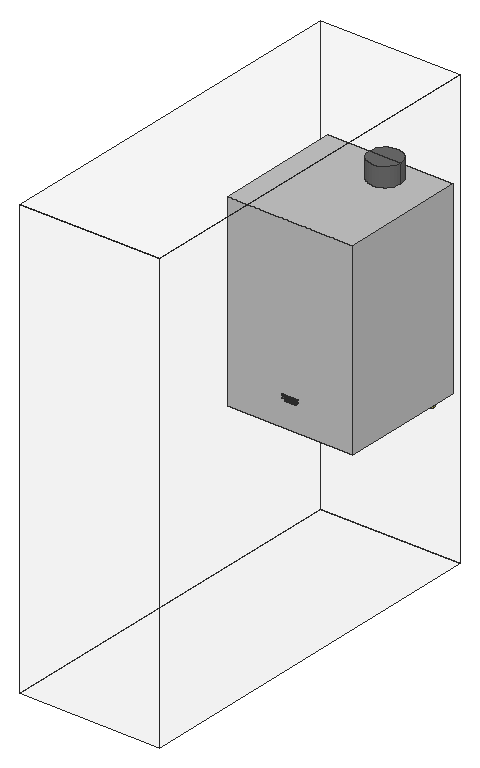
Revit family "Remeha_QuintaAce45_LOD3", category Mechanical Equipment, Revit 2016
Family settings
  Part Type = Normal
  Round Connector Dimension = Use Diameter
  OmniClass Number = 23.75.10.11.14
  OmniClass Title = Hot Water Heat Generators
  Work Plane-Based = No
  Always vertical = Yes
  Cut with Voids When Loaded = Yes
  Shared = No
  Room Calculation Point = No
Parameters (values of type "80/125 Conventional Flue Connection - 80 Connector")
  Weekly = ""
  Water Treatment Required = yes
  Water Content = 4.3 L
  Warranty ID = ""
  Voltage = 230 V
  URL = ""
  Type = "Space heating"
  Turndown Ratio = "5.02:1"
  Text Material = Paint - Black
  Supply Phase = 1
  Starting Current = 0 A
  Sound Pressure Level = "45.1"
  Shipping Weight = 61.00 kg
  Shape = "Rectangular (Vertical)"
  Safety Valve Connection Type = "Unset"
  Safety Valve Connection Size = 0.00 mm
  Responsible Sourcing of Materials = ""
  Responsible Extraction of Materials = ""
  Reference Standard = "GAR 2016/426, BED 92/42/EEC, ErP 2009/123/EC"
  Rated Output = 40800 W
  Rated Criteria = "80/60"
  Quarterly = ""
  Product Range = "Quinta Ace 45"
  Product Model Number = ""
  Product Literature = "https://www.remeha.co.uk/products/wall-hung-range/quinta-ace-30-115"
  Primary Fuel = "Gas - NG"
  Overall Width = 500.00 mm
  Overall Length = 500.00 mm
  Overall Height = 750.00 mm
  Optional Fuel = "LPG"
  Operation and Maintenance Manual = "https://www.remeha.co.uk/products/wall-hung-range/quinta-ace-30-115"
  Oil Consumption rate = 0
  Nominal Oil Inlet Pressure = 0.00000 bar
  Nominal Gas Inlet Pressure = 0.02000 bar
  NOx Emissions = "33"
  Mounting = "Wall Mounted"
  Monthly = ""
  Model = ""
  Minimum Power Consumption = 20 W
  Minimum Operating Pressure = 0.80000 bar
  Minimum Oil Inlet Pressure = 0.00000 bar
  Minimum Gas Inlet Pressure = 0.01700 bar
  Minimum Flow Rate at 20C temperature differential = 0.49 L/s
  Minimum Flow Rate at 11C temperature differential = 0.89 L/s
  Maximum Power Consumption = 75 W
  Maximum Operating Pressure = 4.00000 bar
  Maximum Oil Inlet Pressure = 0.00000 bar
  Maximum Gas Inlet Pressure = 0.02500 bar
  Material Ingredient Reporting = ""
  Manufacturer Website = "www.remeha.co.uk"
  Manufacturer = "Remeha Commercial"
  Maintenance Required 8001 to 12000hrs = ""
  Maintenance Required 601 to 1000hrs = ""
  Maintenance Required 4001 to 8000hrs = ""
  Maintenance Required 301 to 600hrs = ""
  Maintenance Required 2001 to 4000hrs = ""
  Maintenance Required 1001 to 2000hrs = ""
  Maintenance Required 0 to 300hrs = ""
  Location of Manufacturer = ""
  Load Classification = none
  Life Cycle Analysis = ""
  Interlocks = yes
  IfcExportType = "NOTDEFINED"  # constant formula
  IfcExportAs = "IfcBoilerType"  # constant formula
  IP Rating = "X4D"
  IK Rating = "Not Required"
  Hydraulic Resistance at 20C temperature differential = 0.11400 bar
  Hydraulic Resistance at 11C temperature differential = 0.37600 bar
  Heater Operation = "Condensing"
  Heat Exchanger Material = "Aluminium"
  Gross Weight = 54.30 kg
  Green Guide for Specification = ""
  Gas Consumption rate = "4.4"
  Fuse Rating = 2.5 A
  Full Load Current = 0 A
  Fuel Connection Type = "Threaded"
  Fuel Connection Size = 20.00 mm
  Frequency = 50 Hz
  Flue or Air Intake Classification = "B23p,B33,C13, C33, C53, C63, C93"
  Flue Radius = Air Inlet Connection Size / 2  # 62.50 mm
  Flue Connector Size = 80 mm
  Flue Connection size = 80.00 mm
  Flow and Return Connection Type = "Threaded"
  Flow and Return Connection Size = 32.00 mm
  Finish = "High Polish Gardner 60 GRAD 91EH"
  Features = "Remeha's Quinta Pro range are compact high efficiency wall hung condensing boilers. Lighter and more efficienct, their small size make them ideally suited to modular arrangments"
  External Material = "Steel"
  Expected Life = "15"
  ErP Seasonal Efficiency = "94"
  ErP Rated Efficiency at Part Load = "0"
  ErP Rated Efficiency at Full Load = "0"
  ErP Energy Label = "A"
  Environmental Product Declaration = ""
  Energy Technology List = "0"
  Embodied Carbon = ""
  Drain Connection Type = "Unset"
  Drain Connection Size = 25.00 mm
  Description = ""
  Daily = ""
  Control Type = "'0 - 10V, Open Therm, Volt free enable, Direct boiler weather compensating control systems available from Remeha as optional extra's."
  Configuration = "Single boiler"
  Condensate Drain Type = "Plain"
  Condensate Drain Size = 32.00 mm
  Colour = "RAL 9016"
  Clearance Box Visibility [instance] = yes
  Classification.Uniclass.Pr.Number [instance] = "Pr_60_60_08_34"
  Classification.Uniclass.Pr.Description [instance] = "Gas fired Condensing Boilers"
  CE Mark = "0063CS3928"
  Burner Control Type = "Modulating"
  Building Regulations Seasonal Efficiency = "97.64"
  Bespoke Timeframe = ""
  BMS Links = yes
  Annually = "As Per Attached URL O&M Manual"
  Air Inlet Connection Size = 125.00 mm
  Additional Technical Details = "https://www.remeha.co.uk/products/wall-hung-range/quinta-ace-30-115"
  Access Clearance Top = 400.00 mm
  Access Clearance Right = 30.00 mm
  Access Clearance Rear = 0.00 mm
  Access Clearance Left = 30.00 mm
  Access Clearance Front = 1000.00 mm
  Access Clearance Bottom = 600.00 mm
  6 Monthly = ""
Types (2, lengths in mm): name | Flue Connector Size
  80/125 Conventional Flue Connection - 80 Connector | 80
  80/125 Concentric Flue Connection - 125 Connector | 125
Reference planes
  plane 1 "Center (Front/Back)": y = 0
  plane 2: z = 0
  plane 3 "Center (Left/Right)": x = 0
  plane 4: y = -50
  plane 5: y = -75
  plane 6: x = -115
  plane 7: x = 59
  plane 8: x = 119.4
  plane 9: x = 200
  plane 10: x = 250
  plane 11: y = -101
  plane 12: x = -250
  plane 13: y = -500
  plane 14: x = -280
  plane 15: x = 280
  plane 16: y = -1500
  plane 17: y = 0
  plane 18: z = 750
  plane 19: z = 1150
  plane 20: z = -600
  plane 21: z = 824.467
Forms (mm)
  Sweep 1, solid, material "101_240_115"
    path origin (453.507, -50, 3000) x (1, 0, 0) y (0, 0, 1)
      loop
        line (-568.507, -3039.462) -> (-568.507, -3000)
    profile origin (-115, -50, -19.731) x (-1, 0, 0) y (0, -1, 0)
      loop
        circle (0, 0) r 21.2
  Sweep 2, solid
    path origin (453.507, -75, 3000) x (1, 0, 0) y (0, 0, 1)
      loop
        line (-394.507, -3012.462) -> (-394.507, -3000)
    profile origin (59, -75, -6.231) x (-1, 0, 0) y (0, -1, 0)
      loop
        circle (0, 0) r 16.25
  Sweep 3, solid, material "229_0_0"
    path origin (687.907, -50, 3000) x (1, 0, 0) y (0, 0, 1)
      loop
        line (-568.507, -3039.662) -> (-568.507, -3000)
    profile origin (119.4, -50, -19.831) x (-1, 0, 0) y (0, -1, 0)
      loop
        circle (0, 0) r 21.2
  Sweep 4, solid, material "229_229_0"
    path origin (768.507, -50, 3000) x (1, 0, 0) y (0, 0, 1)
      loop
        line (-568.507, -3040) -> (-568.507, -3000)
    profile origin (200, -50, -20) x (-1, 0, 0) y (0, -1, 0)
      loop
        circle (0, 0) r 13.5
  Revolve 5, solid, material "51_51_51"
    sketch origin (453.507, -101, 2990) x (1, 0, 0) y (0, 0, 1)
      loop
        line (-394.507, -2240) -> (-332.007, -2240) -> (-332.007, -2165.533) -> (-394.507, -2165.533) -> (-394.507, -2240)
      axis (-394.507, -2165.533) -> (-394.507, -2240)
    angle from 0 to 360
  Extrusion 6, solid, material "192_192_192"
    sketch origin (0, 5.687, 0) x (1, 0, 0) y (0, 1, 0)
      loop
        line (-250, -5.687) -> (-250, -505.688) -> (250, -505.688) -> (250, -5.687) -> (-250, -5.687)
    from 0 to 750
  Extrusion 7, solid, material "Clearance", visible <- "Clearance Box Visibility"
    sketch origin (0, 0, 0) x (1, 0, 0) y (0, 1, 0)
      loop
        line (-280, 0) -> (-280, -1500) -> (280, -1500) -> (280, 0) -> (-280, 0)
    from -600 to 1150
  Extrusion 8, solid, material "Paint - Black" <- "Text Material"
    sketch origin (0, 0, 0) x (1, 0, 0) y (0, 0, 1)
      loop
        line (-30.625, 120.395) -> (-30.625, 118.213) -> (30.625, 118.213) -> (30.625, 120.395) -> (-30.625, 120.395)
      loop
        line (-30.625, 106.032) -> (30.625, 106.032) -> (30.625, 108.213) -> (-30.625, 108.213) -> (-30.625, 106.032)
      loop
        line (-28.307, 116.676) -> (-28.307, 109.282) -> (-20.805, 109.282) -> (-20.805, 112.183) -> (-19.053, 112.183)
        arc (-19.053, 112.183) -> (-18.314, 111.847) -> (-18.083, 111.068) r 0.979
        arc (-18.083, 111.068) -> (-18.083, 110.157) -> (-17.832, 109.282) r 3.272
        line (-17.832, 109.282) -> (-16.376, 109.282)
        arc (-16.376, 109.282) -> (-16.561, 110.336) -> (-16.618, 111.404) r 8.915
        arc (-16.618, 111.404) -> (-16.885, 112.268) -> (-17.601, 112.822) r 1.5
        arc (-17.601, 112.822) -> (-16.323, 115.034) -> (-18.28, 116.676) r 1.987
        line (-18.28, 116.676) -> (-20.805, 116.676) -> (-28.307, 116.676)
      loop
        line (-20.805, 115.402) -> (-20.805, 113.382) -> (-18.787, 113.382)
        arc (-18.787, 113.382) -> (-18.37, 113.534) -> (-18.148, 113.918) r 0.649
        arc (-18.148, 113.918) -> (-18.033, 114.426) -> (-18.159, 114.93) r 1.124
        arc (-18.159, 114.93) -> (-18.505, 115.276) -> (-18.976, 115.402) r 0.944
        line (-18.976, 115.402) -> (-20.805, 115.402)
      loop
        line (-26.948, 115.402) -> (-26.948, 110.655) -> (-22.202, 110.655) -> (-22.202, 115.402) -> (-26.948, 115.402)
      loop
        line (-9.068, 114.754) -> (-10.47, 114.754) -> (-10.47, 109.282) -> (-8.958, 109.282) -> (-8.958, 112.222)
        arc (-8.958, 112.222) -> (-8.681, 113.022) -> (-7.968, 113.478) r 1.291
        arc (-7.968, 113.478) -> (-7.458, 113.497) -> (-6.98, 113.316) r 1.291
        line (-6.98, 113.316) -> (-6.98, 114.889)
        arc (-6.98, 114.889) -> (-8.226, 114.723) -> (-9.068, 113.79) r 1.823
        line (-9.068, 113.79) -> (-9.068, 114.754)
      loop
        line (-5.139, 111.705) -> (-1.277, 111.705)
        arc (-1.277, 111.705) -> (-3.967, 114.88) -> (-6.562, 111.627) r 2.694
        arc (-6.562, 111.627) -> (-4.23, 109.192) -> (-1.394, 111.016) r 2.651
        line (-1.394, 111.016) -> (-2.704, 111.016)
        arc (-2.704, 111.016) -> (-4.224, 110.293) -> (-5.139, 111.705) r 1.276
      loop
        line (-5.147, 112.62) -> (-2.707, 112.62)
        arc (-2.707, 112.62) -> (-3.927, 113.841) -> (-5.147, 112.62) r 1.22
      loop
        line (1.337, 113.988) -> (1.337, 114.776) -> (-0.066, 114.776) -> (-0.066, 109.389) -> (1.396, 109.389) -> (1.396, 112.819)
        arc (1.396, 112.819) -> (2.357, 113.78) -> (3.318, 112.819) r 0.961
        line (3.318, 112.819) -> (3.318, 109.389) -> (4.781, 109.389) -> (4.781, 112.819)
        arc (4.781, 112.819) -> (5.723, 113.761) -> (6.665, 112.819) r 0.942
        line (6.665, 112.819) -> (6.665, 109.389) -> (8.107, 109.389) -> (8.107, 112.925)
        arc (8.107, 112.925) -> (8.131, 113.503) -> (7.91, 114.038) r 1.349
        arc (7.91, 114.038) -> (6.224, 114.92) -> (4.538, 114.038) r 2.053
        arc (4.538, 114.038) -> (2.923, 114.936) -> (1.337, 113.988) r 1.848
      loop
        line (10.835, 111.705) -> (14.697, 111.705)
        arc (14.697, 111.705) -> (12.007, 114.88) -> (9.413, 111.627) r 2.694
        arc (9.413, 111.627) -> (11.745, 109.192) -> (14.58, 111.016) r 2.651
        line (14.58, 111.016) -> (13.271, 111.016)
        arc (13.271, 111.016) -> (11.751, 110.293) -> (10.835, 111.705) r 1.276
      loop
        line (10.827, 112.62) -> (13.268, 112.62)
        arc (13.268, 112.62) -> (12.048, 113.841) -> (10.827, 112.62) r 1.22
      loop
        line (17.364, 116.805) -> (15.821, 116.805) -> (15.821, 109.416) -> (17.364, 109.416) -> (17.364, 112.62)
        arc (17.364, 112.62) -> (18.386, 113.878) -> (19.408, 112.62) r 1.044
        line (19.408, 112.62) -> (19.408, 109.416) -> (20.934, 109.416) -> (20.934, 113.081)
        arc (20.934, 113.081) -> (19.516, 114.929) -> (17.364, 114.038) r 1.913
        line (17.364, 114.038) -> (17.364, 116.805)
      loop
        line (22.242, 113.094) -> (23.722, 113.094)
        arc (23.722, 113.094) -> (23.883, 113.574) -> (24.311, 113.847) r 0.76
        arc (24.311, 113.847) -> (24.781, 113.923) -> (25.255, 113.868) r 1.739
        arc (25.255, 113.868) -> (25.672, 113.375) -> (25.347, 112.817) r 0.559
        arc (25.347, 112.817) -> (24.586, 112.573) -> (23.79, 112.514) r 3.395
        arc (23.79, 112.514) -> (23.01, 112.359) -> (22.39, 111.862) r 1.672
        arc (22.39, 111.862) -> (22.047, 110.754) -> (22.507, 109.69) r 1.672
        arc (22.507, 109.69) -> (23.456, 109.312) -> (24.477, 109.296) r 2.817
        arc (24.477, 109.296) -> (25.226, 109.546) -> (25.673, 110.197) r 1.24
        arc (25.673, 110.197) -> (25.722, 109.795) -> (25.841, 109.407) r 2.328
        line (25.841, 109.407) -> (27.312, 109.407)
        arc (27.312, 109.407) -> (27.148, 109.949) -> (27.093, 110.512) r 2.901
        line (27.093, 110.512) -> (27.093, 113.568)
        arc (27.093, 113.568) -> (26.736, 114.43) -> (25.874, 114.787) r 1.219
        arc (25.874, 114.787) -> (24.773, 114.91) -> (23.672, 114.787) r 4.994
        arc (23.672, 114.787) -> (22.673, 114.18) -> (22.242, 113.094) r 1.837
      loop
        arc (23.575, 111.229) -> (23.583, 110.746) -> (23.888, 110.371) r 0.737
        arc (23.888, 110.371) -> (24.388, 110.254) -> (24.895, 110.337) r 1.324
        arc (24.895, 110.337) -> (25.433, 110.755) -> (25.637, 111.405) r 1.14
        line (25.637, 111.405) -> (25.637, 112.191)
        arc (25.637, 112.191) -> (25.209, 111.86) -> (24.672, 111.801) r 0.999
        arc (24.672, 111.801) -> (24.028, 111.698) -> (23.575, 111.229) r 1.029
      loop
        line (-14.73, 105.293) -> (-14.73, 102.893)
        arc (-14.73, 102.893) -> (-14.262, 101.761) -> (-13.13, 101.293) r 1.6
        line (-13.13, 101.293) -> (-11.33, 101.293)
        arc (-11.33, 101.293) -> (-10.199, 101.761) -> (-9.73, 102.893) r 1.6
        line (-9.73, 102.893) -> (-9.73, 105.293) -> (-10.73, 105.293) -> (-10.73, 102.893)
        arc (-10.73, 102.893) -> (-10.965, 102.327) -> (-11.53, 102.093) r 0.8
        line (-11.53, 102.093) -> (-12.93, 102.093)
        arc (-12.93, 102.093) -> (-13.496, 102.327) -> (-13.73, 102.893) r 0.8
        line (-13.73, 102.893) -> (-13.73, 105.293) -> (-14.73, 105.293)
      loop
        line (23.957, 105.293) -> (19.757, 105.293) -> (19.757, 101.293) -> (23.957, 101.293) -> (23.957, 102.093) -> (20.757, 102.093) -> (20.757, 102.893) -> (23.957, 102.893) -> (23.957, 103.693) -> (20.757, 103.693) -> (20.757, 104.493) -> (23.957, 104.493) -> (23.957, 105.293)
      loop
        line (14.257, 103.693) -> (14.257, 102.893)
        arc (14.257, 102.893) -> (14.726, 101.761) -> (15.857, 101.293) r 1.6
        line (15.857, 101.293) -> (17.657, 101.293)
        arc (17.657, 101.293) -> (18.789, 101.761) -> (19.257, 102.893) r 1.6
        line (19.257, 102.893) -> (18.257, 102.893)
        arc (18.257, 102.893) -> (18.023, 102.327) -> (17.457, 102.093) r 0.8
        line (17.457, 102.093) -> (16.057, 102.093)
        arc (16.057, 102.093) -> (15.492, 102.327) -> (15.257, 102.893) r 0.8
        line (15.257, 102.893) -> (15.257, 103.693)
        arc (15.257, 103.693) -> (15.492, 104.259) -> (16.057, 104.493) r 0.8
        line (16.057, 104.493) -> (17.457, 104.493)
        arc (17.457, 104.493) -> (18.023, 104.259) -> (18.257, 103.693) r 0.8
        line (18.257, 103.693) -> (19.257, 103.693)
        arc (19.257, 103.693) -> (18.789, 104.824) -> (17.657, 105.293) r 1.6
        line (17.657, 105.293) -> (15.857, 105.293)
        arc (15.857, 105.293) -> (14.726, 104.824) -> (14.257, 103.693) r 1.6
      loop
        line (10.851, 105.293) -> (9.07, 101.293) -> (10.164, 101.293) -> (10.521, 102.093) -> (12.619, 102.093) -> (12.975, 101.293) -> (14.07, 101.293) -> (12.289, 105.293) -> (10.851, 105.293)
      loop
        line (10.877, 102.893) -> (12.263, 102.893) -> (11.57, 104.449) -> (10.877, 102.893)
      loop
        line (-20.23, 103.693) -> (-20.23, 102.893)
        arc (-20.23, 102.893) -> (-19.762, 101.761) -> (-18.63, 101.293) r 1.6
        line (-18.63, 101.293) -> (-16.83, 101.293)
        arc (-16.83, 101.293) -> (-16.428, 101.344) -> (-16.052, 101.495) r 1.6
        line (-16.052, 101.495) -> (-15.593, 100.84) -> (-14.937, 101.299) -> (-15.467, 102.055)
        arc (-15.467, 102.055) -> (-15.291, 102.458) -> (-15.23, 102.893) r 1.6
        line (-15.23, 102.893) -> (-15.23, 103.693)
        arc (-15.23, 103.693) -> (-15.699, 104.824) -> (-16.83, 105.293) r 1.6
        line (-16.83, 105.293) -> (-18.63, 105.293)
        arc (-18.63, 105.293) -> (-19.762, 104.824) -> (-20.23, 103.693) r 1.6
      loop
        line (-19.23, 103.693) -> (-19.23, 102.893)
        arc (-19.23, 102.893) -> (-18.996, 102.327) -> (-18.43, 102.093) r 0.8
        line (-18.43, 102.093) -> (-17.03, 102.093)
        arc (-17.03, 102.093) -> (-16.465, 102.327) -> (-16.23, 102.893) r 0.8
        line (-16.23, 102.893) -> (-16.23, 103.693)
        arc (-16.23, 103.693) -> (-16.465, 104.259) -> (-17.03, 104.493) r 0.8
        line (-17.03, 104.493) -> (-18.43, 104.493)
        arc (-18.43, 104.493) -> (-18.996, 104.259) -> (-19.23, 103.693) r 0.8
      loop
        line (-9.23, 105.293) -> (-9.23, 101.293) -> (-8.23, 101.293) -> (-8.23, 105.293) -> (-9.23, 105.293)
      loop
        line (-7.73, 105.293) -> (-7.73, 101.293) -> (-6.73, 101.293) -> (-6.73, 104.493) -> (-4.405, 101.293) -> (-2.73, 101.293) -> (-2.73, 105.293) -> (-3.73, 105.293) -> (-3.73, 102.093) -> (-6.055, 105.293) -> (-7.73, 105.293)
      loop
        line (-2.23, 105.293) -> (-2.23, 104.493) -> (-0.23, 104.493) -> (-0.23, 101.293) -> (0.77, 101.293) -> (0.77, 104.493) -> (2.77, 104.493) -> (2.77, 105.293) -> (-2.23, 105.293)
      loop
        line (3.851, 105.293) -> (2.07, 101.293) -> (3.164, 101.293) -> (3.521, 102.093) -> (5.619, 102.093) -> (5.975, 101.293) -> (7.07, 101.293) -> (5.289, 105.293) -> (3.851, 105.293)
      loop
        line (3.877, 102.893) -> (5.263, 102.893) -> (4.57, 104.449) -> (3.877, 102.893)
    from 500 to 502
Dimensions and locks
  locked: plane 4 to plane 1 "Center (Front/Back)" at 50
  locked: plane 5 to plane 1 "Center (Front/Back)" at 75
  locked: plane 9 to plane 10 at 50
  locked: plane 8 to plane 10 at 130.6
  locked: plane 7 to plane 10 at 191
  locked: plane 6 to plane 10 at 365
  locked: plane 11 to plane 1 "Center (Front/Back)" at 101
  "Flue Radius": Revolve 5 sketch curve to plane 7
  equal spacing: plane 12, plane 3 "Center (Left/Right)", plane 10
  locked: plane 13 to plane 1 "Center (Front/Back)" at 500
  "Access Clearance Front": plane 16 to plane 13
  "Access Clearance Rear": plane 1 "Center (Front/Back)" to plane 17
  locked: plane 12 to plane 10 at 500
  "Access Clearance Right": plane 10 to plane 15
  "Access Clearance Left": plane 14 to plane 12
  "Overall Height": plane 18 to plane 2
  "Access Clearance Bottom": plane 2 to plane 20
  "Access Clearance Top": plane 19 to plane 18
  locked: plane 21 to plane 18 at 74.467
  plane 3 "Center (Left/Right)" to Extrusion 7 = 280.00 mm
  aligned and locked: level to plane 2
  aligned and locked: plane 6 to Sweep 1 sketch curve
  aligned and locked: profile plane to Sweep 1 sketch curve  (x2)
  aligned and locked: profile plane to Sweep 2 sketch curve  (x2)
  aligned and locked: Sweep 2 sketch curve to plane 7
  aligned and locked: profile plane to Sweep 3 sketch curve  (x2)
  aligned and locked: plane 8 to Sweep 3 sketch curve
  aligned and locked: profile plane to Sweep 4 sketch curve  (x2)
  aligned and locked: plane 9 to Sweep 4 sketch curve
  aligned and locked: Revolve 5 sketch curve to plane 7
  aligned and locked: plane 17 to Extrusion 7 sketch curve
  aligned and locked: plane 14 to Extrusion 7 sketch curve
  aligned and locked: Extrusion 7 sketch curve to plane 15
  aligned and locked: Extrusion 7 sketch curve to plane 16
  aligned and locked: Revolve 5 to plane 21
  aligned and locked: Revolve 5 to plane 18
  aligned and locked: Extrusion 7 to plane 19
  aligned and locked: plane 13 to Extrusion 6 sketch curve
  aligned and locked: Extrusion 6 sketch curve to plane 12
  aligned and locked: plane 10 to Extrusion 6 sketch curve
  aligned and locked: plane 1 "Center (Front/Back)" to Extrusion 6 sketch curve
Automatic sketch dimensions
  Sweep 1 sketch curve to level = 0.00 mm
  Sweep 1 sketch curve to level = 39.462 mm
  Sweep 2 sketch curve to level = 0.00 mm
  Sweep 2 sketch curve to level = 12.462 mm
  Sweep 3 sketch curve to level = 0.00 mm
  Sweep 3 sketch curve to Sweep 3 sketch curve = 39.662 mm
  Sweep 4 sketch curve to level = 0.00 mm
  Sweep 4 sketch curve to Sweep 4 sketch curve = 40.00 mm
  Extrusion 8 sketch curve to Extrusion 8 sketch curve = 0.00 mm  (x35)
  Extrusion 8 sketch curve to plane 3 "Center (Left/Right)" = 30.625 mm
  Extrusion 8 sketch curve to Extrusion 8 sketch curve = 2.318 mm
  Extrusion 8 sketch curve to Extrusion 8 sketch curve = 1.36 mm
  Extrusion 8 sketch curve to Extrusion 8 sketch curve = 4.746 mm
  Extrusion 8 sketch curve to Extrusion 8 sketch curve = 1.397 mm  (x2)
  Extrusion 8 sketch curve to Extrusion 8 sketch curve = 0.575 mm
  Extrusion 8 sketch curve to Extrusion 8 sketch curve = 1.00 mm  (x9)
  Extrusion 8 sketch curve to Extrusion 8 sketch curve = 1.648 mm
  Extrusion 8 sketch curve to Extrusion 8 sketch curve = 1.752 mm
  Extrusion 8 sketch curve to Extrusion 8 sketch curve = 0.18 mm
  Extrusion 8 sketch curve to Extrusion 8 sketch curve = 0.19 mm
  Extrusion 8 sketch curve to Extrusion 8 sketch curve = 0.60 mm  (x9)
  Extrusion 8 sketch curve to Extrusion 8 sketch curve = 0.20 mm  (x10)
  Extrusion 8 sketch curve to Extrusion 8 sketch curve = 0.696 mm
  Extrusion 8 sketch curve to Extrusion 8 sketch curve = 0.935 mm
  Extrusion 8 sketch curve to Extrusion 8 sketch curve = 0.286 mm  (x2)
  Extrusion 8 sketch curve to Extrusion 8 sketch curve = 1.40 mm  (x3)
  Extrusion 8 sketch curve to Extrusion 8 sketch curve = 1.456 mm
  Extrusion 8 sketch curve to Extrusion 8 sketch curve = 0.779 mm
  Extrusion 8 sketch curve to Extrusion 8 sketch curve = 0.459 mm
  Extrusion 8 sketch curve to Extrusion 8 sketch curve = 0.584 mm
  Extrusion 8 sketch curve to Extrusion 8 sketch curve = 0.655 mm
  Extrusion 8 sketch curve to Extrusion 8 sketch curve = 1.533 mm
  Extrusion 8 sketch curve to Extrusion 8 sketch curve = 0.50 mm  (x5)
  Extrusion 8 sketch curve to Extrusion 8 sketch curve = 4.373 mm
  Extrusion 8 sketch curve to Extrusion 8 sketch curve = 1.402 mm
  Extrusion 8 sketch curve to Extrusion 8 sketch curve = 1.512 mm
  Extrusion 8 sketch curve to Extrusion 8 sketch curve = 1.255 mm
  Extrusion 8 sketch curve to Extrusion 8 sketch curve = 0.036 mm
  Extrusion 8 sketch curve to Extrusion 8 sketch curve = 0.29 mm
  Extrusion 8 sketch curve to Extrusion 8 sketch curve = 0.396 mm
  Extrusion 8 sketch curve to Extrusion 8 sketch curve = 0.675 mm  (x2)
  Extrusion 8 sketch curve to Extrusion 8 sketch curve = 1.833 mm
  Extrusion 8 sketch curve to Extrusion 8 sketch curve = 0.008 mm  (x2)
  Extrusion 8 sketch curve to Extrusion 8 sketch curve = 2.325 mm
  Extrusion 8 sketch curve to Extrusion 8 sketch curve = 1.22 mm  (x2)
  Extrusion 8 sketch curve to Extrusion 8 sketch curve = 0.001 mm  (x2)
  Extrusion 8 sketch curve to Extrusion 8 sketch curve = 0.009 mm  (x2)
  Extrusion 8 sketch curve to Extrusion 8 sketch curve = 0.043 mm  (x2)
  Extrusion 8 sketch curve to Extrusion 8 sketch curve = 1.172 mm  (x2)
  Extrusion 8 sketch curve to Extrusion 8 sketch curve = 1.31 mm  (x2)
  Extrusion 8 sketch curve to Extrusion 8 sketch curve = 0.117 mm  (x2)
  Extrusion 8 sketch curve to plane 3 "Center (Left/Right)" = 0.23 mm
  Extrusion 8 sketch curve to plane 3 "Center (Left/Right)" = 0.066 mm
  plane 3 "Center (Left/Right)" to Extrusion 8 sketch curve = 0.77 mm
  plane 3 "Center (Left/Right)" to Extrusion 8 sketch curve = 1.337 mm
  plane 3 "Center (Left/Right)" to Extrusion 8 sketch curve = 1.396 mm
  Extrusion 8 sketch curve to Extrusion 8 sketch curve = 1.30 mm
  Extrusion 8 sketch curve to Extrusion 8 sketch curve = 0.961 mm
  Extrusion 8 sketch curve to Extrusion 8 sketch curve = 2.00 mm  (x2)
  Extrusion 8 sketch curve to Extrusion 8 sketch curve = 0.366 mm
  Extrusion 8 sketch curve to Extrusion 8 sketch curve = 1.095 mm  (x4)
  Extrusion 8 sketch curve to Extrusion 8 sketch curve = 0.356 mm  (x8)
  Extrusion 8 sketch curve to Extrusion 8 sketch curve = 1.081 mm
  Extrusion 8 sketch curve to Extrusion 8 sketch curve = 0.719 mm  (x4)
  Extrusion 8 sketch curve to Extrusion 8 sketch curve = 1.463 mm
  Extrusion 8 sketch curve to Extrusion 8 sketch curve = 1.386 mm  (x2)
  Extrusion 8 sketch curve to Extrusion 8 sketch curve = 0.942 mm
  Extrusion 8 sketch curve to Extrusion 8 sketch curve = 0.441 mm
  Extrusion 8 sketch curve to Extrusion 8 sketch curve = 0.137 mm
  Extrusion 8 sketch curve to Extrusion 8 sketch curve = 1.304 mm
  Extrusion 8 sketch curve to Extrusion 8 sketch curve = 2.721 mm
  Extrusion 8 sketch curve to Extrusion 8 sketch curve = 0.33 mm
  Extrusion 8 sketch curve to Extrusion 8 sketch curve = 1.995 mm  (x2)
  Extrusion 8 sketch curve to Extrusion 8 sketch curve = 2.553 mm
  Extrusion 8 sketch curve to Extrusion 8 sketch curve = 1.542 mm  (x2)
  Extrusion 8 sketch curve to Extrusion 8 sketch curve = 1.022 mm
  Extrusion 8 sketch curve to Extrusion 8 sketch curve = 0.635 mm
  Extrusion 8 sketch curve to Extrusion 8 sketch curve = 0.388 mm
  Extrusion 8 sketch curve to Extrusion 8 sketch curve = 1.50 mm
  Extrusion 8 sketch curve to Extrusion 8 sketch curve = 1.526 mm
  Extrusion 8 sketch curve to Extrusion 8 sketch curve = 1.309 mm
  Extrusion 8 sketch curve to Extrusion 8 sketch curve = 1.474 mm
  Extrusion 8 sketch curve to Extrusion 8 sketch curve = 1.48 mm
  Extrusion 8 sketch curve to Extrusion 8 sketch curve = 0.217 mm
  Extrusion 8 sketch curve to Extrusion 8 sketch curve = 3.20 mm  (x2)
  Extrusion 8 sketch curve to Extrusion 8 sketch curve = 0.355 mm
  Extrusion 8 sketch curve to Extrusion 8 sketch curve = 0.558 mm
  Extrusion 8 sketch curve to Extrusion 8 sketch curve = 0.158 mm
  Extrusion 8 sketch curve to Extrusion 8 sketch curve = 0.205 mm
  Extrusion 8 sketch curve to Extrusion 8 sketch curve = 0.406 mm
  Extrusion 8 sketch curve to Extrusion 8 sketch curve = 0.064 mm
  Extrusion 8 sketch curve to Extrusion 8 sketch curve = 0.024 mm
  Extrusion 8 sketch curve to Extrusion 8 sketch curve = 0.293 mm
  Extrusion 8 sketch curve to Extrusion 8 sketch curve = 0.386 mm
  Extrusion 8 sketch curve to Extrusion 8 sketch curve = 0.353 mm
  Extrusion 8 sketch curve to Extrusion 8 sketch curve = 0.28 mm
  Extrusion 8 sketch curve to Extrusion 8 sketch curve = 0.818 mm
  Extrusion 8 sketch curve to Extrusion 8 sketch curve = 1.068 mm
  Extrusion 8 sketch curve to Extrusion 8 sketch curve = 0.759 mm
  Extrusion 8 sketch curve to Extrusion 8 sketch curve = 1.219 mm
  Extrusion 8 sketch curve to Extrusion 8 sketch curve = 0.219 mm
  Extrusion 8 sketch curve to Extrusion 8 sketch curve = 0.906 mm
  Extrusion 8 sketch curve to Extrusion 8 sketch curve = 4.751 mm
  Extrusion 8 sketch curve to Extrusion 8 sketch curve = 0.631 mm
  level to Extrusion 8 sketch curve = 100.84 mm
  Extrusion 8 sketch curve to Extrusion 8 sketch curve = 0.453 mm  (x3)
  Extrusion 8 sketch curve to Extrusion 8 sketch curve = 0.80 mm  (x16)
  Extrusion 8 sketch curve to Extrusion 8 sketch curve = 1.556 mm  (x2)
  Extrusion 8 sketch curve to Extrusion 8 sketch curve = 2.40 mm  (x2)
  Extrusion 8 sketch curve to Extrusion 8 sketch curve = 0.044 mm
  Extrusion 8 sketch curve to Extrusion 8 sketch curve = 1.60 mm
  Extrusion 8 sketch curve to Extrusion 8 sketch curve = 0.844 mm
  Extrusion 8 sketch curve to Extrusion 8 sketch curve = 2.339 mm
  Extrusion 8 sketch curve to Extrusion 8 sketch curve = 2.181 mm  (x2)
  Extrusion 8 sketch curve to Extrusion 8 sketch curve = 3.989 mm  (x2)
  Extrusion 8 sketch curve to Extrusion 8 sketch curve = 1.069 mm
  Extrusion 8 sketch curve to Extrusion 8 sketch curve = 4.096 mm
  Extrusion 8 sketch curve to Extrusion 8 sketch curve = 4.114 mm
  Extrusion 8 sketch curve to Extrusion 8 sketch curve = 4.124 mm
  Extrusion 8 sketch curve to Extrusion 8 sketch curve = 0.509 mm
  Extrusion 8 sketch curve to Extrusion 8 sketch curve = 0.234 mm
  Extrusion 8 sketch curve to Extrusion 8 sketch curve = 0.62 mm  (x2)
  Extrusion 8 sketch curve to Extrusion 8 sketch curve = 1.331 mm
  Extrusion 8 sketch curve to Extrusion 8 sketch curve = 1.374 mm
  Extrusion 8 sketch curve to Extrusion 8 sketch curve = 0.249 mm
  Extrusion 8 sketch curve to Extrusion 8 sketch curve = 0.059 mm
  Extrusion 8 sketch curve to Extrusion 8 sketch curve = 0.213 mm
  Extrusion 8 sketch curve to Extrusion 8 sketch curve = 1.599 mm
  Extrusion 8 sketch curve to Extrusion 8 sketch curve = 1.627 mm
  Extrusion 8 sketch curve to Extrusion 8 sketch curve = 1.922 mm
  Extrusion 8 sketch curve to Extrusion 8 sketch curve = 2.062 mm
  Extrusion 8 sketch curve to Extrusion 8 sketch curve = 0.346 mm
  Extrusion 8 sketch curve to Extrusion 8 sketch curve = 0.506 mm  (x2)
  Extrusion 8 sketch curve to Extrusion 8 sketch curve = 0.173 mm
  Extrusion 8 sketch curve to Extrusion 8 sketch curve = 0.303 mm  (x2)
  Extrusion 8 sketch curve to Extrusion 8 sketch curve = 0.496 mm
  Extrusion 8 sketch curve to Extrusion 8 sketch curve = 0.979 mm
  Extrusion 8 sketch curve to Extrusion 8 sketch curve = 0.606 mm
  Extrusion 8 sketch curve to Extrusion 8 sketch curve = 0.363 mm  (x2)
  Extrusion 8 sketch curve to Extrusion 8 sketch curve = 0.786 mm
  Extrusion 8 sketch curve to Extrusion 8 sketch curve = 0.879 mm
  Extrusion 8 sketch curve to Extrusion 8 sketch curve = 3.204 mm
  Extrusion 8 sketch curve to Extrusion 8 sketch curve = 0.434 mm  (x2)
  Extrusion 8 sketch curve to Extrusion 8 sketch curve = 0.603 mm
  Extrusion 8 sketch curve to Extrusion 8 sketch curve = 1.192 mm
  Extrusion 8 sketch curve to Extrusion 8 sketch curve = 0.214 mm
  Extrusion 8 sketch curve to Extrusion 8 sketch curve = 0.048 mm
  Extrusion 8 sketch curve to Extrusion 8 sketch curve = 0.106 mm
  Extrusion 8 sketch curve to Extrusion 8 sketch curve = 0.209 mm
  Extrusion 8 sketch curve to Extrusion 8 sketch curve = 0.461 mm
  Extrusion 8 sketch curve to Extrusion 8 sketch curve = 0.269 mm
  Extrusion 8 sketch curve to Extrusion 8 sketch curve = 0.012 mm
  Extrusion 8 sketch curve to Extrusion 8 sketch curve = 0.11 mm
  Extrusion 8 sketch curve to Extrusion 8 sketch curve = 0.206 mm
  Extrusion 8 sketch curve to Extrusion 8 sketch curve = 0.45 mm
  Extrusion 8 sketch curve to Extrusion 8 sketch curve = 0.539 mm
  Extrusion 8 sketch curve to Extrusion 8 sketch curve = 1.198 mm
  Extrusion 8 sketch curve to Extrusion 8 sketch curve = 0.242 mm
  Extrusion 8 sketch curve to Extrusion 8 sketch curve = 1.568 mm
  Extrusion 8 sketch curve to Extrusion 8 sketch curve = 1.169 mm
  Extrusion 8 sketch curve to Extrusion 8 sketch curve = 0.649 mm
  Extrusion 8 sketch curve to Extrusion 8 sketch curve = 0.382 mm
  Extrusion 8 sketch curve to Extrusion 8 sketch curve = 0.046 mm
  Extrusion 8 sketch curve to Extrusion 8 sketch curve = 0.23 mm
  Extrusion 8 sketch curve to Extrusion 8 sketch curve = 0.963 mm
  Extrusion 8 sketch curve to Extrusion 8 sketch curve = 0.788 mm
  Extrusion 8 sketch curve to Extrusion 8 sketch curve = 4.747 mm
  Extrusion 8 sketch curve to Extrusion 8 sketch curve = 1.119 mm
  Extrusion 8 sketch curve to Extrusion 8 sketch curve = 1.274 mm
  Extrusion 8 sketch curve to Extrusion 8 sketch curve = 2.767 mm
  Extrusion 8 sketch curve to Extrusion 8 sketch curve = 4.645 mm
  Extrusion 8 sketch curve to Extrusion 8 sketch curve = 0.121 mm
  Extrusion 8 sketch curve to Extrusion 8 sketch curve = 0.547 mm
  Extrusion 8 sketch curve to Extrusion 8 sketch curve = 0.591 mm
  Extrusion 8 sketch curve to Extrusion 8 sketch curve = 0.243 mm
  Extrusion 8 sketch curve to Extrusion 8 sketch curve = 0.148 mm
  Extrusion 8 sketch curve to Extrusion 8 sketch curve = 1.573 mm
  Extrusion 8 sketch curve to Extrusion 8 sketch curve = 0.141 mm
  Extrusion 8 sketch curve to Extrusion 8 sketch curve = 0.218 mm
  Extrusion 8 sketch curve to Extrusion 8 sketch curve = 0.171 mm
  Extrusion 8 sketch curve to Extrusion 8 sketch curve = 0.172 mm
  Extrusion 8 sketch curve to Extrusion 8 sketch curve = 0.296 mm
  Revolve 5 sketch curve to plane 7 = 0.00 mm
  Revolve 5 sketch curve to plane 18 = 0.00 mm
  Revolve 5 sketch curve to plane 21 = 0.00 mm
  plane 18 to Revolve 5 sketch curve = 33.884 mm
  Revolve 5 sketch curve to plane 19 = 29.116 mm
  radius of Sweep 1 sketch curve = 21.20 mm
  radius of Sweep 2 sketch curve = 16.25 mm
  radius of Sweep 3 sketch curve = 21.20 mm
  radius of Sweep 4 sketch curve = 13.50 mm
Connectors
  piping at (-115, -50, -39.462), diameter 32, driven by "Flow and Return Connection Size"
    settings: on Sweep 1, index 1, connector inside diameter 609.6 mm, connector length 0.00 mm, flow factor 0, pipe flow 0.0 L/s, pressure drop 0.00000 bar, fitting loss kfactor 0, connector angle 0.00°, fixture units 0, engagement length 0.00 mm, angle of deflection 0.00°, flow configuration 1, flow direction 1, fitting loss method 0, system type 20, joint type 0, gender type 0, connector reference index -1, connector utility 0, adjustable connector no, is connector primary yes, connector description "Return"
  piping at (119.4, -50, -39.662), diameter 32, driven by "Flow and Return Connection Size"
    settings: on Sweep 3, index 2, connector inside diameter 609.6 mm, connector length 0.00 mm, flow factor 0, pipe flow 0.0 L/s, pressure drop 0.00000 bar, fitting loss kfactor 0, connector angle 0.00°, fixture units 0, engagement length 0.00 mm, angle of deflection 0.00°, flow configuration 0, flow direction 2, fitting loss method 0, system type 19, joint type 0, gender type 0, connector reference index -1, connector utility 0, adjustable connector no, is connector primary no, connector description "Flow"
  piping at (200, -50, -40), diameter 20, driven by "Fuel Connection Size"
    settings: on Sweep 4, index 3, connector inside diameter 609.6 mm, connector length 0.00 mm, flow factor 0, pipe flow 0.0 L/s, pressure drop 0.00000 bar, fitting loss kfactor 0, connector angle 0.00°, fixture units 0, engagement length 0.00 mm, angle of deflection 0.00°, flow configuration 1, flow direction 1, fitting loss method 0, system type 22, joint type 0, gender type 0, connector reference index -1, connector utility 0, adjustable connector no, is connector primary no, connector description "Fuel"
  piping at (59, -75, -12.462), diameter 25, driven by "Drain Connection Size"
    settings: on Sweep 2, index 4, connector inside diameter 609.6 mm, connector length 0.00 mm, flow factor 0, pipe flow 0.0 L/s, pressure drop 0.00000 bar, fitting loss kfactor 0, connector angle 0.00°, fixture units 0, engagement length 0.00 mm, angle of deflection 0.00°, flow configuration 1, flow direction 2, fitting loss method 0, system type 16, joint type 0, gender type 0, connector reference index -1, connector utility 0, adjustable connector no, is connector primary no, connector description "Drain"
  hvac at (59, -101, 824.467), driven by "Flue Connector Size"
    settings: on Revolve 5, index 5, duct flow 0.0 L/s, flow factor 0, pres drop 0.00000 bar, loss coef 0, conn angle 0.00°, conn width 304.8 mm, conn height 304.8 mm, conn diameter 80 mm, duct sys type 3, conn prof type 0, flow config 0, flow direction 0, loss method 0, conn ref index -1, conn util no, is conn primary yes, conn desc "Flue"
  electrical at (0, 0, 375), driven by "Voltage", driven by "Maximum Power Consumption"
    settings: on Extrusion 6, index 6, voltage 230 V, apparent load 75 VA, apparent load phase1 0 VA, apparent load phase2 0 VA, apparent load phase3 0 VA, power factor 1, load classification "Other", number of poles 1, system type 30, power factor state 1, is connector primary yes, connector utility no, sub classification motor no, connector description ""
